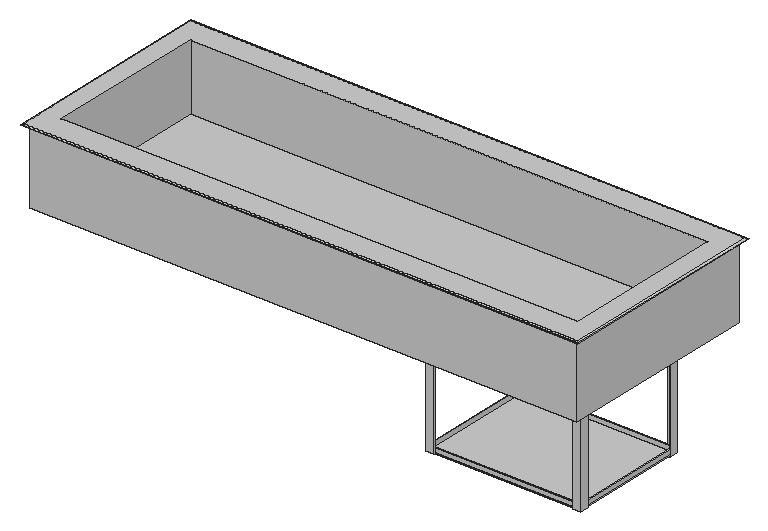
Revit family "QF_VOLLRATH_FC-4CP-05120-RFF", category Specialty Equipment, Revit 2016
Family settings
  Part Type = Normal
  Round Connector Dimension = Use Diameter
  OmniClass Number = 23.40.40.14.24.14
  OmniClass Title = Service Line Equipment
  Work Plane-Based = Yes
  Always vertical = Yes
  Cut with Voids When Loaded = Yes
  Shared = No
  Room Calculation Point = No
Parameters (values of type "FC-4CP-05120-RFF")
  Weight in Pounds = 155
  Watts = 624 W
  Waste Water Discharge Temperature [instance] = 0 °F
  Waste Remarks = ""
  Volts = 120 V
  URL Cutsheet = "www.vollrathfoodservice.com"
  URL = "www.vollrathfoodservice.com"
  Status [instance] = ""
  Specification by User [instance] = ""
  Specification by Manufacturer = ""
  Serial Number = ""
  Seismic Rating = ""
  SMACNA No = ""
  Revision Code [instance] = ""
  Plumbing Remarks [instance] = ""
  Plumbing Connection Type [instance] = ""
  Phase = 1
  Number of Poles = 1
  NAFEM Spec ID Number = ""
  Model = "FC-4CP-05120-RFF"
  Min Ckt Ampacity = 0 A
  Max Overcurrent Protection = 10 A
  Masterspec = ""
  Manufacturer = "VOLLRATH US"
  Item Number [instance] = ""
  Installed By [instance] = ""
  Identify Quantity as Lot [instance] = no
  HP = "0.9"
  Furnished By [instance] = ""
  Foodservice Equipment Identifier [instance] = yes
  FL Amps = 5.2 A
  Electrical Remarks [instance] = ""
  Electric Connection Type [instance] = "Plug&Receptacle"
  Elec Conn RI Height [instance] = 0"
  Elec Conn Connection Height [instance] = 0"
  Direct Waste Size = 1"
  Direct Waste RI Height = 0"
  Direct Waste Flow = 0 GPM
  Direct Waste Connection Height = 0"
  Description = "FIVE-WELL 120-VOLT STANDARD REFRIGERATED MODULAR DROP-IN COLD WELL WITH FLAT FLANGE"
  Default Elevation = 0"
  Cycle = 60 Hz
  Conn Plug = "NEMA 5-15P"
  Conn Conduit [instance] = no
  CSI MasterFormat = ""
  Author = ""
  Assembly Code = "E1090320"
  Apparent Power = 624 VA
Reference planes (in)
  plane 1 "Back": y = 0
  plane 2: z = 0
  plane 3 "Left": x = 0
  plane 4 "Front": y = -26
  plane 5 "Top": z = 0
  plane 6 "Right": x = 68
Forms (in)
  Extrusion 1, solid
    sketch origin (42.65854, -178.4845, -21.875) x (-1, 0, 0) y (0, -1, 0)
      loop
        line (-2.3275, -172.7345) -> (-3.2025, -172.7345) -> (-3.2025, -172.8595) -> (-2.2025, -172.8595) -> (-2.2025, -171.8595) -> (-2.3275, -171.8595) -> (-2.3275, -172.7345)
      loop
        line (-21.015, -172.7345) -> (-21.015, -171.8595) -> (-21.14, -171.8595) -> (-21.14, -172.8595) -> (-20.14, -172.8595) -> (-20.14, -172.7345) -> (-21.015, -172.7345)
      loop
        line (-2.3275, -158.3285) -> (-2.3275, -159.2035) -> (-2.2025, -159.2035) -> (-2.2025, -158.2035) -> (-3.2025, -158.2035) -> (-3.2025, -158.3285) -> (-2.3275, -158.3285)
      loop
        line (-21.015, -158.3285) -> (-20.14, -158.3285) -> (-20.14, -158.2035) -> (-21.14, -158.2035) -> (-21.14, -159.2035) -> (-21.015, -159.2035) -> (-21.015, -158.3285)
    from -0.5 to 12.808
  Extrusion 2, void
    sketch origin (0, 0, 0) x (1, 0, 0) y (0, 1, 0)
      loop
        line (67.625, -0.375) -> (0.375, -0.375) -> (0.375, -25.625) -> (67.625, -25.625) -> (67.625, -0.375)
    from 3.27425 to -22.375
  Extrusion 3, solid
    sketch origin (0, 0, 0) x (1, 0, 0) y (0, 1, 0)
      loop
        line (0.625, -0.625) -> (0.625, -25.375) -> (67.375, -25.375) -> (67.375, -0.625) -> (0.625, -0.625)
      loop
        line (2.5, -3.0625) -> (2.5, -22.9375) -> (65.5, -22.9375) -> (65.5, -3.0625) -> (2.5, -3.0625)
    from 0 to 0.14643
  Extrusion 4, solid
    sketch origin (0, 0, 0) x (1, 0, 0) y (0, 1, 0)
      loop
        line (0.625, -0.625) -> (0.625, -25.375) -> (67.375, -25.375) -> (67.375, -0.625) -> (0.625, -0.625)
      loop
        line (65.5, -22.9375) -> (65.5, -3.0625) -> (2.5, -3.0625) -> (2.5, -22.9375) -> (65.5, -22.9375)
    from -9.067 to 0
  Sweep 5, solid
    path origin (0, 0, 0) x (1, 0, 0) y (0, 1, 0)
      loop
        line (0.34375, -0.34375) -> (0.34375, -25.65625) -> (67.65625, -25.65625) -> (67.65625, -0.34375) -> (0.34375, -0.34375)
    profile origin (34, -0.34375, 0) x (0, 1, 0) y (0, 0, 1)
      loop
        line (0.34375, 0) -> (0.34375, 0.05122) -> (0.12989, 0.14643) -> (-0.28125, 0.14643) -> (-0.28125, 0) -> (0.34375, 0)
  Extrusion 6, solid
    sketch origin (42.65854, -178.4845, -22.375) x (-1, 0, 0) y (0, -1, 0)
      loop
        line (-2.3275, -172.7345) -> (-2.3275, -158.3285) -> (-21.015, -158.3285) -> (-21.015, -172.7345) -> (-2.3275, -172.7345)
    from 0 to 0.125
  Extrusion 7, solid
    sketch origin (36.70169, 0, -0.375) x (1, 0, 0) y (0, 1, 0)
      loop
        line (8.28434, -20.156) -> (26.97184, -20.156) -> (26.97184, -5.75) -> (8.28434, -5.75) -> (8.28434, -20.156)
      loop
        line (26.84684, -5.875) -> (8.40934, -5.875) -> (8.40934, -20.031) -> (26.84684, -20.031) -> (26.84684, -5.875)
    from -21.875 to -21.375
  Extrusion 8, solid
    sketch origin (44.98604, -20.156, -22.25) x (1, 0, 0) y (0, 0, -1)
      loop
        line (0, -13.183) -> (18.6875, -13.183) -> (18.6875, -12.183) -> (0, -12.183) -> (0, -13.183)
    from 0 to 0.125
  Extrusion 9, solid
    sketch origin (44.98604, -5.75, -22.25) x (1, 0, 0) y (0, 0, 1)
      loop
        line (0, 13.183) -> (0, 12.183) -> (18.6875, 12.183) -> (18.6875, 13.183) -> (0, 13.183)
    from 0 to 0.125
  Extrusion 10, solid
    sketch origin (44.98604, -19.281, -22.25) x (0, -1, 0) y (0, 0, -1)
      loop
        line (0, -13.183) -> (0, -12.183) -> (-1.125, -12.183) -> (-1.125, -13.183) -> (0, -13.183)
      loop
        line (-12.656, -13.183) -> (-11.531, -13.183) -> (-11.531, -12.183) -> (-12.656, -12.183) -> (-12.656, -13.183)
    from 0 to -0.125
  Extrusion 11, solid
    sketch origin (63.67354, -19.281, -22.25) x (0, -1, 0) y (0, 0, 1)
      loop
        line (0, 13.183) -> (-1.125, 13.183) -> (-1.125, 12.183) -> (0, 12.183) -> (0, 13.183)
      loop
        line (-12.656, 13.183) -> (-12.656, 12.183) -> (-11.531, 12.183) -> (-11.531, 13.183) -> (-12.656, 13.183)
    from 0 to -0.125
  Extrusion 12, solid
    sketch origin (0, 0, 2.308) x (1, 0, 0) y (0, 1, 0)
      loop
        line (65.5, -3.0625) -> (2.5, -3.0625) -> (2.5, -22.9375) -> (65.5, -22.9375) -> (65.5, -3.0625)
      loop
        circle (39.86104, -13) r 0.75
    from -11.375 to -10.305
  Extrusion 13, solid
    sketch origin (45.20169, 0, -0.375) x (1, 0, 0) y (0, 1, 0)
      loop
        circle (-5.34066, -13) r 0.5
      loop
        circle (-5.34066, -13) r 0.75
    from -8.692 to -7.622
  Extrusion 14, solid
    sketch origin (39.82979, 0, -0.375) x (1, 0, 0) y (0, 1, 0)
      loop
        circle (14.5, -13) r 0.25
    from -8.692 to -8.89849
Cuts and joins
  joined: Extrusion 3, Extrusion 4, Sweep 5, Extrusion 12
Lines and regions (in)
  symbolic lines, style "200-EquipBorder-2D"
    curve 1: line (68, 0, 0) -> (0, 0, 0)
    curve 2: line (68, -26, 0) -> (68, 0, 0)
    curve 3: line (0, 0, 0) -> (0, -26, 0)
    curve 8: line (0, -26, 0) -> (68, -26, 0)
  symbolic lines, style "200-EquipInternal-2D"
    curve 4: line (65.5, -3.0625, 0) -> (2.5, -3.0625, 0)
    curve 5: line (65.5, -22.9375, 0) -> (65.5, -3.0625, 0)
    curve 6: line (2.5, -22.9375, 0) -> (65.5, -22.9375, 0)
    curve 7: line (2.5, -3.0625, 0) -> (2.5, -22.9375, 0)
    curve 9: arc (39.36104, -13, 0) -> (39.86104, -12.5, 0) -> (40.36104, -13, 0) r 0.5
    curve 10: arc (40.36104, -13, 0) -> (39.86104, -13.5, 0) -> (39.36104, -13, 0) r 0.5
    curve 11: arc (39.11104, -13, 0) -> (39.86104, -12.25, 0) -> (40.61104, -13, 0) r 0.75
    curve 12: arc (40.61104, -13, 0) -> (39.86104, -13.75, 0) -> (39.11104, -13, 0) r 0.75
Dimensions and locks (in)
  plane 3 "Left" to plane 6 "Right" = 68"
  plane 4 "Front" to plane 1 "Back" = 26"
  Extrusion 6 sketch curve to Extrusion 6 sketch curve = 18 11/16"
  aligned and locked: level to plane 2
Connectors (in)
  electrical at (54.32979, -13, -9.27349), driven by "Number of Poles", driven by "Volts", driven by "Apparent Power"
    settings: on Extrusion 14, index 1, voltage 120 V, apparent load 0 VA, apparent load phase1 624 VA, apparent load phase2 0 VA, apparent load phase3 0 VA, power factor 1, load classification "Other", number of poles 1, system type 31, power factor state 1, is connector primary yes, connector utility no, sub classification motor no, connector description "Electrical connection"
  piping at (39.86104, -13, -9.067), diameter 1, driven by "Direct Waste Flow", driven by "Direct Waste Size"
    settings: on cut or joined group of Extrusion 3, Extrusion 4, Sweep 5, Extrusion 12, index 2, connector inside diameter 24", connector length 0", flow factor 0, pipe flow 0 GPM, pressure drop 0.00 psi, fitting loss kfactor 0, connector angle 0.00°, fixture units 0, engagement length 0", angle of deflection 0.00°, flow configuration 1, flow direction 2, fitting loss method 0, system type 16, joint type 0, gender type 0, connector reference index -1, connector utility 0, adjustable connector no, is connector primary yes, connector description "Drain"
